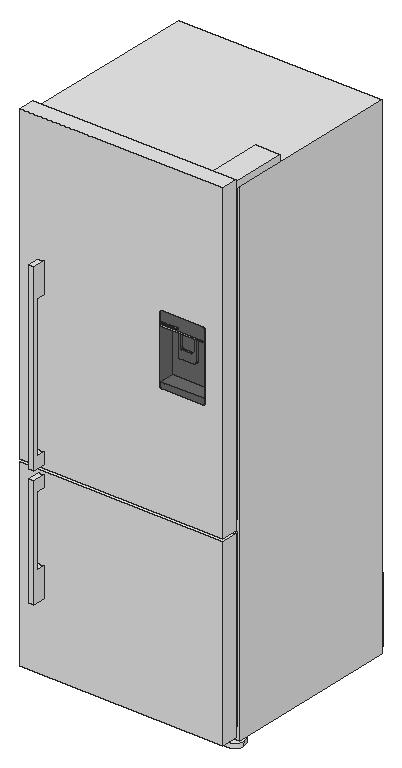
Revit family "Fisher & Paykel Fridge E442BRXFDU4", category Generic Models, host Floor, Revit 2013 (continued)
Definition of nested family "E442BLRXFDU4"
  Definition of nested family "Ice maker"
    Automatic sketch dimensions
      Extrusion 3 sketch curve to Extrusion 3 sketch curve = 0' - 0.00045"
      Extrusion 3 sketch curve to Extrusion 3 sketch curve = 0' - 0.01882"
      Extrusion 3 sketch curve to Extrusion 3 sketch curve = 0' - 0.02758"
      Extrusion 3 sketch curve to Extrusion 3 sketch curve = 0' - 0.00784"
      Extrusion 3 sketch curve to Extrusion 3 sketch curve = 0' - 0.01672"
      Extrusion 3 sketch curve to plane 10 = 0' - 0.00091"
      Extrusion 3 sketch curve to Extrusion 3 sketch curve = 0' - 0.03198"
      Extrusion 3 sketch curve to Extrusion 3 sketch curve = 0' - 0.14861"
      Extrusion 3 sketch curve to Extrusion 3 sketch curve = 0' - 0.04966"
      Extrusion 3 sketch curve to Extrusion 3 sketch curve = 0' - 0.06198"
      Extrusion 3 sketch curve to Extrusion 3 sketch curve = 0' - 0.00257"
      plane 10 to Extrusion 3 sketch curve = 0' - 0.0465"
      Extrusion 3 sketch curve to Extrusion 3 sketch curve = 0' - 0.03285"
      Extrusion 3 sketch curve to Extrusion 3 sketch curve = 0' - 0.03479"
      plane 10 to Extrusion 3 sketch curve = 0' - 0.06802"
      plane 10 to Extrusion 3 sketch curve = 0' - 0.08664"
      Extrusion 3 sketch curve to Extrusion 3 sketch curve = 0' - 0.0221"  (x2)
      Extrusion 3 sketch curve to Extrusion 3 sketch curve = 0' - 0.01317"
      Extrusion 3 sketch curve to Extrusion 3 sketch curve = 0' - 0.03349"  (x2)
      Extrusion 3 sketch curve to Extrusion 3 sketch curve = 0' - 0.02753"
      Extrusion 3 sketch curve to Extrusion 3 sketch curve = 0' - 0.05728"
      Extrusion 3 sketch curve to Extrusion 3 sketch curve = 0' - 0.03293"
      Extrusion 3 sketch curve to Extrusion 3 sketch curve = 0' - 0.08755"
      plane 9 to Extrusion 3 sketch curve = 0' - 0.0685"
      plane 9 to Extrusion 3 sketch curve = 0' - 0.06916"
      Extrusion 3 sketch curve to plane 10 = 0' - 0.0388"
      Extrusion 3 sketch curve to Extrusion 3 sketch curve = 0' - 0.01893"
      plane 10 to Extrusion 3 sketch curve = 0' - 0.02335"
      plane 10 to Extrusion 3 sketch curve = 0' - 0.02402"
      Extrusion 3 sketch curve to Extrusion 3 sketch curve = 0' - 0.00211"  (x2)
      Extrusion 3 sketch curve to Extrusion 3 sketch curve = 0' - 0.01643"
      Extrusion 4 sketch curve to plane 8 = 0' - 0"  (x2)
      plane 12 to Extrusion 4 sketch curve = 0' - 1.1811"
      plane 12 to Extrusion 4 sketch curve = 0' - 0.9252"
      Extrusion 4 sketch curve to plane 16 = 0' - 1.79134"
      Extrusion 4 sketch curve to plane 12 = 0' - 0.9252"
      Extrusion 4 sketch curve to Extrusion 4 sketch curve = 0' - 0"
      Extrusion 4 sketch curve to Extrusion 4 sketch curve = 0' - 0.29528"
      Extrusion 4 sketch curve to Extrusion 4 sketch curve = 0' - 0.82677"  (x2)
      Extrusion 4 sketch curve to Extrusion 4 sketch curve = 0' - 0.31496"
      Extrusion 4 sketch curve to plane 12 = 0' - 0.86614"
      Extrusion 5 sketch curve to plane 12 = 0' - 0"
      plane 15 to Extrusion 5 sketch curve = 0' - 0"
      Extrusion 6 sketch curve to plane 7 = 0' - 0"
      Extrusion 6 sketch curve to plane 8 = 0' - 0"
      Extrusion 6 sketch curve to plane 18 = 0' - 0"
      Extrusion 6 sketch curve to plane 17 = 0' - 0"
      Extrusion 7 sketch curve to plane 10 = 0' - 0"  (x11)
      Extrusion 7 sketch curve to plane 20 = 0' - 0"
      Extrusion 7 sketch curve to plane 20 = 0' - 0.05617"
      plane 10 to Extrusion 7 sketch curve = 0' - 0.21088"  (x4)
      Extrusion 7 sketch curve to plane 20 = 0' - 0.05063"
      Extrusion 7 sketch curve to plane 20 = 0' - 0.07353"
      Extrusion 7 sketch curve to Extrusion 7 sketch curve = 0' - 0.00908"  (x2)
      Extrusion 7 sketch curve to Extrusion 7 sketch curve = 0' - 0.04152"
      Extrusion 7 sketch curve to Extrusion 7 sketch curve = 0' - 0.13815"
      Extrusion 7 sketch curve to Extrusion 7 sketch curve = 0' - 0.00219"
      Extrusion 7 sketch curve to Extrusion 7 sketch curve = 0' - 0.00906"
      Extrusion 7 sketch curve to Extrusion 7 sketch curve = 0' - 0.02138"
      Extrusion 7 sketch curve to Extrusion 7 sketch curve = 0' - 0.00648"
      Extrusion 7 sketch curve to Extrusion 7 sketch curve = 0' - 0.04467"  (x3)
      Extrusion 7 sketch curve to Extrusion 7 sketch curve = 0' - 0.01521"
      Extrusion 7 sketch curve to Extrusion 7 sketch curve = 0' - 0.01443"
      Extrusion 7 sketch curve to Extrusion 7 sketch curve = 0' - 0.02241"
      Extrusion 7 sketch curve to Extrusion 7 sketch curve = 0' - 0.04473"  (x2)
      Extrusion 7 sketch curve to Extrusion 7 sketch curve = 0' - 0.0087"
      Extrusion 7 sketch curve to Extrusion 7 sketch curve = 0' - 0.00828"
      Extrusion 7 sketch curve to Extrusion 7 sketch curve = 0' - 0.05074"
      plane 10 to Extrusion 7 sketch curve = 0' - 0.10719"
      Extrusion 7 sketch curve to Extrusion 7 sketch curve = 0' - 0.08974"
      Extrusion 7 sketch curve to Extrusion 7 sketch curve = 0' - 0.03678"
      Extrusion 7 sketch curve to Extrusion 7 sketch curve = 0' - 0.04312"
      Extrusion 7 sketch curve to Extrusion 7 sketch curve = 0' - 0.0498"
      plane 10 to Extrusion 7 sketch curve = 0' - 0.08378"
      Extrusion 7 sketch curve to Extrusion 7 sketch curve = 0' - 0.06046"
      plane 10 to Extrusion 7 sketch curve = 0' - 0.12333"
      Extrusion 7 sketch curve to Extrusion 7 sketch curve = 0' - 0.01069"
      Extrusion 7 sketch curve to Extrusion 7 sketch curve = 0' - 0.04465"
      Extrusion 7 sketch curve to Extrusion 7 sketch curve = 0' - 0.07708"
      plane 10 to Extrusion 7 sketch curve = 0' - 0.09519"
      Extrusion 7 sketch curve to Extrusion 7 sketch curve = 0' - 0.06957"
      plane 10 to Extrusion 7 sketch curve = 0' - 0.10021"
      Extrusion 7 sketch curve to Extrusion 7 sketch curve = 0' - 0.04584"
      Extrusion 7 sketch curve to Extrusion 7 sketch curve = 0' - 0.05334"
      Extrusion 7 sketch curve to Extrusion 7 sketch curve = 0' - 0.00634"  (x2)
      plane 10 to Extrusion 7 sketch curve = 0' - 0.04708"
      Extrusion 7 sketch curve to Extrusion 7 sketch curve = 0' - 0.07553"  (x2)
      Extrusion 7 sketch curve to Extrusion 7 sketch curve = 0' - 0.01147"  (x2)
      Extrusion 7 sketch curve to Extrusion 7 sketch curve = 0' - 0.04445"  (x2)
      Extrusion 7 sketch curve to Extrusion 7 sketch curve = 0' - 0.00499"  (x2)
      Extrusion 7 sketch curve to Extrusion 7 sketch curve = 0' - 0.00576"
      plane 10 to Extrusion 7 sketch curve = 0' - 0.14765"  (x4)
      Extrusion 7 sketch curve to Extrusion 7 sketch curve = 0' - 0.03991"
      plane 10 to Extrusion 7 sketch curve = 0' - 0.08691"
      Extrusion 7 sketch curve to Extrusion 7 sketch curve = 0' - 0.02847"
      plane 10 to Extrusion 7 sketch curve = 0' - 0.11841"
      Extrusion 7 sketch curve to Extrusion 7 sketch curve = 0' - 0.0067"
      Extrusion 7 sketch curve to Extrusion 7 sketch curve = 0' - 0.0095"
      plane 10 to Extrusion 7 sketch curve = 0' - 0.09046"
      Extrusion 7 sketch curve to Extrusion 7 sketch curve = 0' - 0.05591"
      Extrusion 7 sketch curve to Extrusion 7 sketch curve = 0' - 0.04217"
      plane 10 to Extrusion 7 sketch curve = 0' - 0.11128"
      Extrusion 7 sketch curve to Extrusion 7 sketch curve = 0' - 0.05773"
      plane 10 to Extrusion 7 sketch curve = 0' - 0.09826"
      Extrusion 7 sketch curve to Extrusion 7 sketch curve = 0' - 0.02369"
      plane 10 to Extrusion 7 sketch curve = 0' - 0.11564"
      Extrusion 7 sketch curve to Extrusion 7 sketch curve = 0' - 0.02233"
      plane 10 to Extrusion 7 sketch curve = 0' - 0.10406"
      Extrusion 7 sketch curve to Extrusion 7 sketch curve = 0' - 0.01429"
      plane 10 to Extrusion 7 sketch curve = 0' - 0.12209"
      Extrusion 7 sketch curve to Extrusion 7 sketch curve = 0' - 0.0264"
      plane 10 to Extrusion 7 sketch curve = 0' - 0.03545"
      Extrusion 7 sketch curve to Extrusion 7 sketch curve = 0' - 0.04278"
      plane 10 to Extrusion 7 sketch curve = 0' - 0.06225"
      Extrusion 7 sketch curve to Extrusion 7 sketch curve = 0' - 0.0088"
      plane 10 to Extrusion 7 sketch curve = 0' - 0.02085"
      Extrusion 7 sketch curve to Extrusion 7 sketch curve = 0' - 0.01123"
      plane 10 to Extrusion 7 sketch curve = 0' - 0.09423"
      Extrusion 7 sketch curve to Extrusion 7 sketch curve = 0' - 0.00856"
      plane 10 to Extrusion 7 sketch curve = 0' - 0.04268"
      Extrusion 7 sketch curve to Extrusion 7 sketch curve = 0' - 0.02164"
      Extrusion 7 sketch curve to plane 10 = 0' - 0.00673"
      Extrusion 7 sketch curve to Extrusion 7 sketch curve = 0' - 0.03487"
      plane 10 to Extrusion 7 sketch curve = 0' - 0.08472"
      Extrusion 7 sketch curve to Extrusion 7 sketch curve = 0' - 0.02924"
      plane 10 to Extrusion 7 sketch curve = 0' - 0.01501"
      Extrusion 7 sketch curve to Extrusion 7 sketch curve = 0' - 0.02174"
      Extrusion 7 sketch curve to Extrusion 7 sketch curve = 0' - 0.01329"
      Extrusion 7 sketch curve to Extrusion 7 sketch curve = 0' - 0.05057"
      Extrusion 7 sketch curve to Extrusion 7 sketch curve = 0' - 0.09065"
      Extrusion 7 sketch curve to Extrusion 7 sketch curve = 0' - 0.0182"
      plane 10 to Extrusion 7 sketch curve = 0' - 0.10275"
      Extrusion 7 sketch curve to Extrusion 7 sketch curve = 0' - 0.00911"
      plane 10 to Extrusion 7 sketch curve = 0' - 0.1774"
      Extrusion 7 sketch curve to Extrusion 7 sketch curve = 0' - 0.04155"
      Extrusion 7 sketch curve to Extrusion 7 sketch curve = 0' - 0.05891"
      Extrusion 7 sketch curve to Extrusion 7 sketch curve = 0' - 0.00712"
      Extrusion 7 sketch curve to Extrusion 7 sketch curve = 0' - 0.06335"
      Extrusion 7 sketch curve to Extrusion 7 sketch curve = 0' - 0.0165"
      Extrusion 7 sketch curve to Extrusion 7 sketch curve = 0' - 0.11112"
      Extrusion 7 sketch curve to Extrusion 7 sketch curve = 0' - 0.04503"
      Extrusion 7 sketch curve to Extrusion 7 sketch curve = 0' - 0.04429"
      plane 10 to Extrusion 7 sketch curve = 0' - 0.03096"
      Extrusion 7 sketch curve to Extrusion 7 sketch curve = 0' - 0.01264"
      plane 10 to Extrusion 7 sketch curve = 0' - 0.0701"
      Extrusion 7 sketch curve to Extrusion 7 sketch curve = 0' - 0.00438"
      Extrusion 7 sketch curve to Extrusion 7 sketch curve = 0' - 0.03203"
      Extrusion 7 sketch curve to plane 10 = 0' - 0.06481"
      Extrusion 7 sketch curve to Extrusion 7 sketch curve = 0' - 0.01858"
      Extrusion 7 sketch curve to plane 10 = 0' - 0.03444"
      Extrusion 7 sketch curve to Extrusion 7 sketch curve = 0' - 0.00481"
      plane 10 to Extrusion 7 sketch curve = 0' - 0.09644"
      Extrusion 7 sketch curve to Extrusion 7 sketch curve = 0' - 0.05335"
      Extrusion 7 sketch curve to Extrusion 7 sketch curve = 0' - 0.01188"
      Extrusion 7 sketch curve to Extrusion 7 sketch curve = 0' - 0.03549"
      Extrusion 7 sketch curve to Extrusion 7 sketch curve = 0' - 0.04742"
      Extrusion 7 sketch curve to Extrusion 7 sketch curve = 0' - 0.03238"
      plane 10 to Extrusion 7 sketch curve = 0' - 0.02308"
      Extrusion 7 sketch curve to Extrusion 7 sketch curve = 0' - 0.00635"
      Extrusion 7 sketch curve to plane 10 = 0' - 0.0092"
      Extrusion 7 sketch curve to Extrusion 7 sketch curve = 0' - 0.03171"
      Extrusion 7 sketch curve to Extrusion 7 sketch curve = 0' - 0.08187"
      Extrusion 7 sketch curve to Extrusion 7 sketch curve = 0' - 0.05705"
      Extrusion 7 sketch curve to Extrusion 7 sketch curve = 0' - 0.04625"
      Extrusion 7 sketch curve to Extrusion 7 sketch curve = 0' - 0.0447"  (x3)
      Extrusion 7 sketch curve to Extrusion 7 sketch curve = 0' - 0.02336"
      plane 10 to Extrusion 7 sketch curve = 0' - 0.06542"
      Extrusion 7 sketch curve to Extrusion 7 sketch curve = 0' - 0.01737"
      Extrusion 7 sketch curve to Extrusion 7 sketch curve = 0' - 0.00676"
      Extrusion 7 sketch curve to Extrusion 7 sketch curve = 0' - 0.03199"
      Extrusion 7 sketch curve to Extrusion 7 sketch curve = 0' - 0.04433"
      plane 10 to Extrusion 7 sketch curve = 0' - 0.09013"
      Extrusion 7 sketch curve to Extrusion 7 sketch curve = 0' - 0.00753"
      plane 10 to Extrusion 7 sketch curve = 0' - 0.07808"
      Extrusion 7 sketch curve to Extrusion 7 sketch curve = 0' - 0.02821"
      Extrusion 7 sketch curve to Extrusion 7 sketch curve = 0' - 0.04268"
      Extrusion 7 sketch curve to Extrusion 7 sketch curve = 0' - 0.0366"
      Extrusion 7 sketch curve to Extrusion 7 sketch curve = 0' - 0.04957"
      Extrusion 7 sketch curve to Extrusion 7 sketch curve = 0' - 0.04602"
      Extrusion 7 sketch curve to Extrusion 7 sketch curve = 0' - 0.03846"
      plane 10 to Extrusion 7 sketch curve = 0' - 0.04774"
      Extrusion 7 sketch curve to Extrusion 7 sketch curve = 0' - 0.00324"
      Extrusion 7 sketch curve to Extrusion 7 sketch curve = 0' - 0.09236"
      Extrusion 7 sketch curve to Extrusion 7 sketch curve = 0' - 0.01324"
      Extrusion 7 sketch curve to Extrusion 7 sketch curve = 0' - 0.03352"
      Extrusion 7 sketch curve to Extrusion 7 sketch curve = 0' - 0.02428"
      Extrusion 7 sketch curve to Extrusion 7 sketch curve = 0' - 0"  (x9)
      Extrusion 7 sketch curve to Extrusion 7 sketch curve = 0' - 0.00897"  (x3)
      Extrusion 7 sketch curve to plane 10 = 0' - 0.00158"
      Extrusion 7 sketch curve to Extrusion 7 sketch curve = 0' - 0.00249"
      Extrusion 7 sketch curve to Extrusion 7 sketch curve = 0' - 0.17009"
      Extrusion 7 sketch curve to Extrusion 7 sketch curve = 0' - 0.02876"  (x2)
      Extrusion 7 sketch curve to Extrusion 7 sketch curve = 0' - 0.03098"
      Extrusion 7 sketch curve to Extrusion 7 sketch curve = 0' - 0.0645"
      plane 10 to Extrusion 7 sketch curve = 0' - 0.00006"
      Extrusion 7 sketch curve to Extrusion 7 sketch curve = 0' - 0.0035"  (x2)
      Extrusion 7 sketch curve to Extrusion 7 sketch curve = 0' - 0.01229"  (x2)
      Extrusion 7 sketch curve to Extrusion 7 sketch curve = 0' - 0.02053"  (x2)
      Extrusion 7 sketch curve to Extrusion 7 sketch curve = 0' - 0.03563"  (x2)
      Extrusion 7 sketch curve to Extrusion 7 sketch curve = 0' - 0.01855"
      Extrusion 7 sketch curve to Extrusion 7 sketch curve = 0' - 0.00265"
      Extrusion 7 sketch curve to Extrusion 7 sketch curve = 0' - 0.01392"
      Extrusion 7 sketch curve to Extrusion 7 sketch curve = 0' - 0.01614"
      Extrusion 7 sketch curve to Extrusion 7 sketch curve = 0' - 0.02185"
      Extrusion 7 sketch curve to Extrusion 7 sketch curve = 0' - 0.00944"
      Extrusion 7 sketch curve to Extrusion 7 sketch curve = 0' - 0.02187"
      Extrusion 7 sketch curve to Extrusion 7 sketch curve = 0' - 0.00773"
      Extrusion 7 sketch curve to Extrusion 7 sketch curve = 0' - 0.03361"
      Extrusion 7 sketch curve to Extrusion 7 sketch curve = 0' - 0 1/128"
      Extrusion 7 sketch curve to Extrusion 7 sketch curve = 0' - 0.01516"
      Extrusion 7 sketch curve to Extrusion 7 sketch curve = 0' - 0.00087"
      Extrusion 7 sketch curve to Extrusion 7 sketch curve = 0' - 0.01277"
      Extrusion 7 sketch curve to Extrusion 7 sketch curve = 0' - 0.02145"
      Extrusion 7 sketch curve to Extrusion 7 sketch curve = 0' - 0.00165"  (x2)
      Extrusion 7 sketch curve to Extrusion 7 sketch curve = 0' - 0.0014"
      Extrusion 7 sketch curve to Extrusion 7 sketch curve = 0' - 0.00595"
      Extrusion 7 sketch curve to plane 10 = 0' - 0.00286"
      Extrusion 7 sketch curve to Extrusion 7 sketch curve = 0' - 0.02116"
      plane 10 to Extrusion 7 sketch curve = 0' - 0.01579"
      Extrusion 7 sketch curve to Extrusion 7 sketch curve = 0' - 0.00469"
      Extrusion 7 sketch curve to plane 10 = 0' - 0.03093"
      Extrusion 7 sketch curve to Extrusion 7 sketch curve = 0' - 0.00045"
      Extrusion 7 sketch curve to Extrusion 7 sketch curve = 0' - 0.01882"
      Extrusion 7 sketch curve to Extrusion 7 sketch curve = 0' - 0.02758"
      Extrusion 7 sketch curve to Extrusion 7 sketch curve = 0' - 0.00784"
      Extrusion 7 sketch curve to Extrusion 7 sketch curve = 0' - 0.01672"
      Extrusion 7 sketch curve to plane 10 = 0' - 0.00091"
      Extrusion 7 sketch curve to Extrusion 7 sketch curve = 0' - 0.03198"
      Extrusion 7 sketch curve to Extrusion 7 sketch curve = 0' - 0.14861"
      Extrusion 7 sketch curve to Extrusion 7 sketch curve = 0' - 0.04966"
      Extrusion 7 sketch curve to Extrusion 7 sketch curve = 0' - 0.06198"
      Extrusion 7 sketch curve to Extrusion 7 sketch curve = 0' - 0.00257"
      Extrusion 7 sketch curve to Extrusion 7 sketch curve = 0' - 0.08755"
      Extrusion 7 sketch curve to Extrusion 7 sketch curve = 0' - 0.0303"
      Extrusion 7 sketch curve to Extrusion 7 sketch curve = 0' - 0.03349"  (x2)
      Extrusion 7 sketch curve to Extrusion 7 sketch curve = 0' - 0.03293"
      Extrusion 7 sketch curve to Extrusion 7 sketch curve = 0' - 0.05728"
      Extrusion 7 sketch curve to Extrusion 7 sketch curve = 0' - 0.01317"
      Extrusion 7 sketch curve to Extrusion 7 sketch curve = 0' - 0.04238"
      Extrusion 7 sketch curve to Extrusion 7 sketch curve = 0' - 0.01075"
      Extrusion 7 sketch curve to Extrusion 7 sketch curve = 0' - 0.0221"  (x2)
      Extrusion 7 sketch curve to Extrusion 7 sketch curve = 0' - 0.03479"
      plane 10 to Extrusion 7 sketch curve = 0' - 0.0465"
      Extrusion 7 sketch curve to Extrusion 7 sketch curve = 0' - 0.00067"
      Extrusion 7 sketch curve to Extrusion 7 sketch curve = 0' - 0.0582"
      Extrusion 7 sketch curve to Extrusion 7 sketch curve = 0' - 0 1/256"
      Extrusion 7 sketch curve to Extrusion 7 sketch curve = 0' - 0.04788"
      Extrusion 7 sketch curve to Extrusion 7 sketch curve = 0' - 0.02987"
      Extrusion 7 sketch curve to Extrusion 7 sketch curve = 0' - 0.03502"
      Extrusion 7 sketch curve to Extrusion 7 sketch curve = 0' - 0.01176"
      Extrusion 7 sketch curve to Extrusion 7 sketch curve = 0' - 0.00134"
      Extrusion 7 sketch curve to Extrusion 7 sketch curve = 0' - 0.01565"
      radius of Extrusion 5 sketch curve = 0' - 0.29528"
